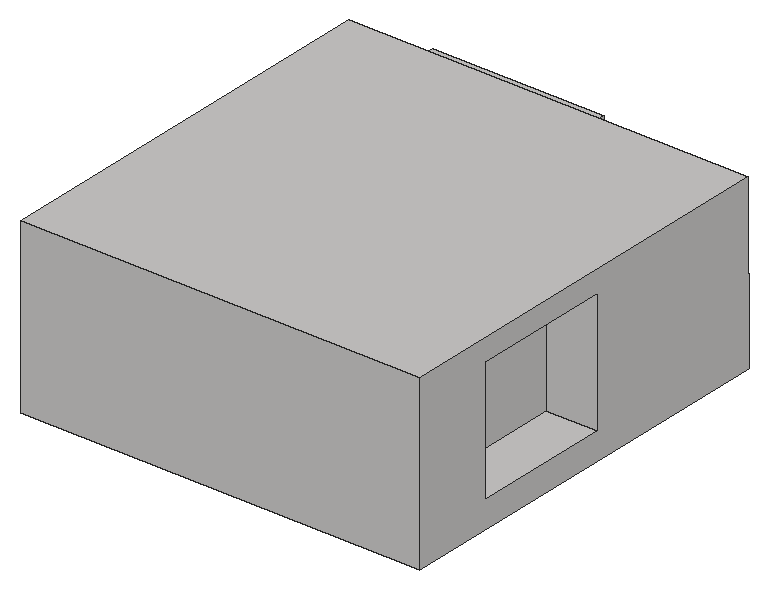
Revit family
Parameters
  Width = 4' - 0 1/8"
  Voltage = 120 V
  Unit Weight = "220.0 lbs"
  UltraLoc Liner = Choose Liner Option = 3  # no
  URL = "http://www.titus-hvac.com/"
  UL = "181"
  Supply Air Flow [instance] = 0 CFM
  SteriLoc Liner = Choose Liner Option = 2  # no
  Primary Air Pressure Drop [instance] = 0.00 in-wg
  Primary Air Flow [instance] = 0 CFM
  Plenum Air Pressure Drop [instance] = 0.00 in-wg
  Plenum Air Flow [instance] = 0 CFM
  Outlet Width = 1' - 4 1/2"
  Outlet Vertical Offset = 0' - 1 1/8"
  Outlet Horizontal Offset = 0' - 1 3/8"
  Outlet Height = 1' - 2 1/2"
  Number of Poles = 1
  Nominal Width = Width + 0' 6 1/4"  # 4' - 6 3/8"
  Nominal Length = Length + 0' 3 3/8"  # 4' - 2 1/4"
  Nominal Inlet Size = 1' - 0"
  Nominal Height = 1' - 8 1/8"
  NFPA = "90A"
  Motor Full Load Amps = 10 A
  Model = "DTQS"
  Min. Air Flow = 0 CFM
  Max. Air Flow = 0 CFM
  Material = Galvanized Steel
  Manufacturer = "Titus"
  Length = 3' - 10 7/8"
  Juction Box Offset = 0' - 4 7/8"
  Inlet Diameter = Nominal Inlet Size - 0' 0 1/8"  # 0' - 11 7/8"
  Induced offset = 0' - 1 1/4"
  Induced Air Inlet Offset = 0' - 4 1/2"
  Induced Air Inlet Width = 1' - 9"
  Induced Air Inlet Height = 1' - 5 1/2"
  Induced Air Filter = no
  Heating Total Capacity [instance] = 0 Btu/h
  Half Outlet Connection Width = Outlet Width / 2  # 0' - 8 1/4"
  Half Outlet Connection Height = Outlet Height / 2  # 0' - 7 1/4"
  Half Height Start = -(Nominal Height / 2)  # -0' - 10 1/16"
  Half Height End = Nominal Height / 2  # 0' - 10 1/16"
  HP-Motor = "1/3"
  Frequency = 60 Hz
  Filter Size = "27\"x20\""
  Fiber Free Liner = Choose Liner Option = 1  # no
  Fan Disconnect Switch = no
  Duct Radius = Nominal Inlet Size / 2  # 0' - 6"
  Description = "Series Fan Powered Terminal Unit, Direct Digital Control, Pressure Independent"
  Connection Void Radius = Connection Radius - 0' 0 1/4"  # 0' - 5 11/16"
  Connection Radius = Inlet Diameter / 2  # 0' - 5 15/16"
  Choose Liner Option = 0
  CADworks URL = "www.CADworks.net"
  Assembly Code = "D3040100"
  Apparent Power = Voltage * Motor Full Load Amps  # 1200 VA
  Air Inlet Offset = 0' - 8"
  1/2" Fiberglass Liner = Choose Liner Option = 0  # yes
Reference planes (in)
  plane 1 "Center (Front/Back)": y = 0
  plane 2: z = 0
  plane 3 "Center (Left/Right)": x = 3
  plane 4: x = -20.4375
  plane 5: x = 26.4375
  plane 6: x = -15.5625
  plane 7: x = -23.8125
  plane 8 "Center (Elevation)": z = 0
  plane 9: y = -24.0625
  plane 10: y = 24.0625
  plane 11: y = 16.0625
  plane 12: y = -19.5625
  plane 13: x = 20.4375
  plane 14: y = 30.3125
  plane 15: z = 10.0625
  plane 16: z = -10.0625
Forms (in)
  Extrusion 1, solid, material "Galvanized Steel" <- "Material"
    sketch origin (0, 0, 52) x (1, 0, 0) y (0, 1, 0)
      loop
        line (-20.4375, 24.0625) -> (-20.4375, -24.0625) -> (26.4375, -24.0625) -> (26.4375, 24.0625) -> (-20.4375, 24.0625)
    from -62.0625 <- "Half Height Start" to -41.9375 <- "Half Height End"
  Extrusion 2, solid, material "Galvanized Steel" <- "Material"
    sketch origin (3.0625, 0, -6) x (1, 0, 0) y (0, 1, 0)
      loop
        line (-18.625, 24.0625) -> (1.375, 24.0625) -> (1.375, 30.3125) -> (-18.625, 30.3125) -> (-18.625, 24.0625)
    from 0 to 12
  Extrusion 3, void
    sketch origin (26.4375, 24.0625, 53.125) x (0, 1, 0) y (0, 0, -1)
      loop
        line (-22.125, 45.5625) -> (-22.125, 60.0625) -> (-38.625, 60.0625) -> (-38.625, 45.5625) -> (-22.125, 45.5625)
    from 0 to 6
  Extrusion 4, solid, material "Galvanized Steel" <- "Material"
    sketch origin (-24.875, 0.5625, 0) x (0, 0, -1) y (0, 1, 0)
      loop
        circle (0, 15.5) r 5.9375
    from 1.0625 to 4.4375
  Extrusion 5, void
    sketch origin (-24.875, 0, 0) x (0, 1, 0) y (0, 0, 1)
      loop
        circle (16.0625, 0) r 5.6875
    from 1.0625 to 9.3125
  Extrusion 6, void
    sketch origin (-20.4375, -24.0625, 52) x (0, -1, 0) y (0, 0, -1)
      loop
        line (-25.5, 43.3125) -> (-4.5, 43.3125) -> (-4.5, 60.8125) -> (-25.5, 60.8125) -> (-25.5, 43.3125)
    from 0 to 4.875
Cuts and joins
  Extrusion 3, Extrusion 5, Extrusion 6 cuts Extrusion 1
  Extrusion 5 cuts Extrusion 4
Dimensions and locks (in)
  "Length": plane 5 to plane 4
  equal spacing: plane 5, plane 3 "Center (Left/Right)", plane 4
  locked: Extrusion 2 to plane 6 at 0
  locked: Extrusion 2 to Extrusion 2 at 20
  "Juction Box Offset": plane 6 to plane 4
  "Outlet Height": Extrusion 3 sketch curve to Extrusion 3 sketch curve
  "Outlet Width": Extrusion 3 sketch curve to Extrusion 3 sketch curve
  locked: plane 4 to plane 7 at 3.375
  "Width": plane 9 to plane 10
  equal spacing: plane 9, plane 1 "Center (Front/Back)", plane 10
  locked: Extrusion 4 sketch curve to level at 0
  locked: Extrusion 4 sketch curve to plane 11 at 0
  locked: Extrusion 5 sketch curve to level at 0
  locked: Extrusion 5 sketch curve to plane 11 at 0
  locked: Extrusion 2 to Extrusion 2 at 6.25
  "Air Inlet Offset": plane 10 to plane 11
  locked: Extrusion 2 to plane 10 at 0
  locked: cut or joined group of Extrusion 4, Extrusion 5 to plane 7 at 0
  locked: cut or joined group of Extrusion 4, Extrusion 5 to cut or joined group of Extrusion 4, Extrusion 5 at 3.375
  "Induced Air Inlet Offset": plane 9 to plane 12
  "Induced Air Inlet Width": Extrusion 6 sketch curve to Extrusion 6 sketch curve
  "Induced Air Inlet Height": Extrusion 6 sketch curve to Extrusion 6 sketch curve
  "Induced Air Inlet Offset": Extrusion 6 sketch curve to plane 9
  locked: plane 9 to Extrusion 3 sketch curve at 9.5
  cut or joined group of Extrusion 1, Extrusion 3, Extrusion 5, Extrusion 6 to Extrusion 3 sketch curve = 0' - 3 1/8"
  locked: Extrusion 2 to Extrusion 2 at 12
  equal spacing: Extrusion 2, level, Extrusion 2
  locked: cut or joined group of Extrusion 1, Extrusion 3, Extrusion 5, Extrusion 6 to cut or joined group of Extrusion 1, Extrusion 3, Extrusion 5, Extrusion 6 at 20.125
  equal spacing: cut or joined group of Extrusion 1, Extrusion 3, Extrusion 5, Extrusion 6, level, cut or joined group of Extrusion 1, Extrusion 3, Extrusion 5, Extrusion 6
  "Induced offset": Extrusion 6 sketch curve to cut or joined group of Extrusion 1, Extrusion 3, Extrusion 5, Extrusion 6
  "Connection Radius": radius of Extrusion 4 sketch curve
  "Connection Void Radius": radius of Extrusion 5 sketch curve
  aligned and locked: plane 6 to Extrusion 6
  aligned and locked: Extrusion 3 to plane 13
  aligned and locked: plane 5 to cut or joined group of Extrusion 1, Extrusion 3, Extrusion 5, Extrusion 6
  aligned and locked: cut or joined group of Extrusion 1, Extrusion 3, Extrusion 5, Extrusion 6 to plane 4
  aligned and locked: cut or joined group of Extrusion 1, Extrusion 3, Extrusion 5, Extrusion 6 to plane 10
  aligned and locked: plane 9 to cut or joined group of Extrusion 1, Extrusion 3, Extrusion 5, Extrusion 6
  aligned and locked: Extrusion 1 to Extrusion 6
  aligned and locked: Extrusion 5 to plane 7
  aligned and locked: plane 6 to Extrusion 5
Automatic sketch dimensions
  Extrusion 1 sketch curve to plane 4 = 0' - 0"
  plane 5 to Extrusion 1 sketch curve = 0' - 0"
  Extrusion 1 sketch curve to plane 9 = 0' - 0"
  Extrusion 1 sketch curve to plane 10 = 0' - 0"
  Extrusion 2 sketch curve to plane 6 = 0' - 0"
  Extrusion 2 sketch curve to plane 10 = 0' - 0"
  plane 3 "Center (Left/Right)" to Extrusion 2 sketch curve = 0' - 1 7/16"
  Extrusion 2 sketch curve to plane 10 = 0' - 6 1/4"
Connectors (in)
  electrical at (-5.5625, 30.3125, 0), driven by "Apparent Power", driven by "Voltage", driven by "Number of Poles"
    settings: on Extrusion 2, index 8
  hvac at (-23.8125, 16.0625, 0), driven by "Primary Air Flow", driven by "Duct Radius", driven by "Primary Air Pressure Drop"
    settings: on cut or joined group of Extrusion 4, Extrusion 5, index 9
  hvac at (-20.4375, -9.0625, -0.0625), driven by "Induced Air Inlet Height", driven by "Induced Air Inlet Width", driven by "Plenum Air Pressure Drop", driven by "Plenum Air Flow"
    settings: on cut or joined group of Extrusion 1, Extrusion 3, Extrusion 5, Extrusion 6, index 12
  hvac at (26.4375, -6.3125, 0.3125), driven by "Supply Air Flow", driven by "Outlet Width", driven by "Outlet Height"
    settings: on cut or joined group of Extrusion 1, Extrusion 3, Extrusion 5, Extrusion 6, index 13
